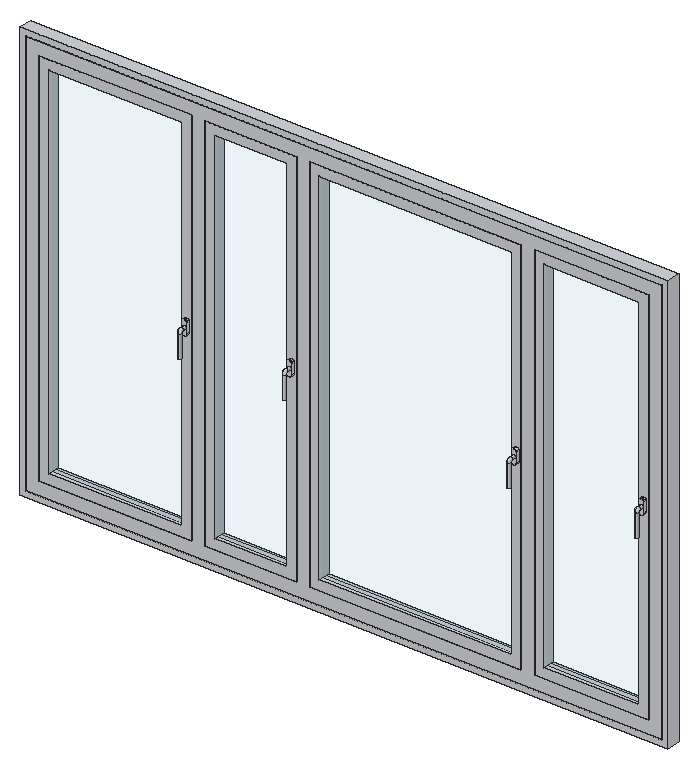
Revit family "AVLN_Окно_4 створки", category Окна, Revit 2021
Family settings
  Основа = Стена
  Номер OmniClass = 23.30.20.00
  Заголовок OmniClass = Windows
  Всегда вертикально = Да
  При загрузке вырезать с полостями = Нет
  Общий = Нет
  Точка принадлежности помещению = Нет
Parameters (values of type "Для копирования!")
  Ширина рамы = 70 mm
  Ширина импоста = 50 mm
  Четверть слева/справа = 50 mm
  Четверть низ = 0 mm  # constant formula
  Четверть верх = 50 mm
  Фрамуга_снизу_высота = 1000 mm
  Низ право центр открывание = АВЛН_Створка открывная : Створка повороно-откидная левая
  Низ право открывание = АВЛН_Створка открывная : Створка повороно-откидная левая
  Низ лево центр открывание = АВЛН_Створка открывная : Створка повороно-откидная левая
  Низ лево открывание = АВЛН_Створка открывная : Створка повороно-откидная левая
  Створка_толщина = 25 mm  # constant formula
  Толщина основы [instance] = 200 mm
  Створка_право центр_ширина = Width - ((Монтажный зазор * 2) + (Ширина рамы * 5) + Створка_слева_ширина + Створка_справа_ширина + Створка_лево центр_ширина)  # 1110 mm
  Створка_справа_ширина = 600 mm
  Створка_слева_ширина = 800 mm
  Створка_профиль = 50 mm
  Створка_лево центр_ширина = 480 mm
  Створка_высота = Height - ((Ширина рамы * 2) + (Монтажный зазор * 2))  # 2000 mm
  Верх право открывание = АВЛН_Створка открывная : Створка повороно-откидная левая
  Верх лево центр открывание = АВЛН_Створка открывная : Створка повороно-откидная левая
  Верх лево открывание = АВЛН_Створка открывная : Створка повороно-откидная левая
  Верх право центр открывание = АВЛН_Створка открывная : Створка повороно-откидная левая
  Rough Width = Width - Монтажный зазор * 2  # 3340 mm
  Rough Height = Height - Монтажный зазор * 2  # 2140 mm
  Подстановочный профиль_Ширина = 20 mm  # constant formula
  Подстановочный профиль_Толщина = 60 mm
  Подоконник_Толщина = 20 mm
  Подоконник_Длина = Width  # 3400 mm
  Подоконник_Глубина = 280 mm
  Подоконник = no
  Глубина вставки = 0 mm
  Отлив_Толщина = 1 mm  # constant formula
  Отлив_Длина = Width - [Четверть слева/справа] * 2  # 3300 mm
  Отлив_Глубина = 280 mm
  Отлив = no
  Откос_Н.Ширина = Width - 2 * [Четверть слева/справа]  # 3300 mm
  Откос_Н.Толщина.8 = 32 mm
  Откос_Н.Толщина.7 = 28 mm
  Откос_Н.Толщина.6 = 24 mm
  Откос_Н.Толщина.5 = 20 mm
  Откос_Н.Толщина.4 = 16 mm
  Откос_Н.Толщина.3 = 12 mm
  Откос_Н.Толщина.2 = 8 mm
  Откос_Н.Толщина.1 = 4 mm
  Откос_Н.Отступ_П = 0 mm  # constant formula
  Откос_Н.Отступ_Л = 0 mm  # constant formula
  Откос_Н.Количество слоев = 0
  Откос_Н.Глубина = 150 mm
  Откос_Н.Высота = Height - Четверть верх - Четверть низ  # 2150 mm
  Откос_В.Толщина.8 = 32 mm
  Откос_В.Толщина.7 = 28 mm
  Откос_В.Толщина.6 = 24 mm
  Откос_В.Толщина.5 = 20 mm
  Откос_В.Толщина.4 = 16 mm
  Откос_В.Толщина.3 = 12 mm
  Откос_В.Толщина.2 = 8 mm
  Откос_В.Толщина.1 = 4 mm
  Откос_В.Отступ_П [instance] = Монтажный зазор + Подоконник_Толщина  # 50 mm
  Откос_В.Отступ_Л [instance] = Монтажный зазор + Подоконник_Толщина  # 50 mm
  Откос_В.Количество слоев = 0
  Откос_В.Глубина [instance] = Толщина основы - Глубина вставки - Ширина рамы  # 130 mm
  Монтажный зазор = 30 mm
  М.Подоконник = none
  М.Отлив = none
  М.Откос_Н.8 = none
  М.Откос_Н.7 = none
  М.Откос_Н.6 = none
  М.Откос_Н.5 = none
  М.Откос_Н.4 = none
  М.Откос_Н.3 = none
  М.Откос_Н.2 = none
  М.Откос_Н.1 = none
  М.Откос_В.8 = none
  М.Откос_В.7 = none
  М.Откос_В.6 = none
  М.Откос_В.5 = none
  М.Откос_В.4 = none
  М.Откос_В.3 = none
  М.Откос_В.2 = none
  М.Откос_В.1 = none
  М.Монтажного зазора = none
  М.Стекла = Стекло
  М.Рамы = none
  М.Подоконный профиль = none
  Type Comments = ""
  Height = 2200 mm
  Высота подоконника по умолчанию = 800 mm
  Замыкание стены = По основе
  Width = 3400 mm
  Аналитическая конструкция = "<Нет>"
  АВЛН_Проем_Ширина [instance] = Width  # 3400 mm
  АВЛН_Проем_Высота [instance] = Height  # 2200 mm
  ADSK_Этаж [instance] = ""
  ADSK_Размер_Ширина = Width  # 3400 mm
  ADSK_Размер_Высота = Height  # 2200 mm
  ADSK_Примечание [instance] = ""
  ADSK_Площадь = Height * Width  # 7.48 m²
  ADSK_Обозначение = ""
  ADSK_Номер секции [instance] = ""
  ADSK_Наименование = ""
  ADSK_Марка = ""
  ADSK_Группирование = ""
  -----------Разрезка----------- = "-----------"  # constant formula
  -----------Профили----------- = "-----------"  # constant formula
  -----------Подоконник----------- = "-----------"  # constant formula
  -----------Отлив----------- = "-----------"  # constant formula
  -----------Откос----------- = "-----------"  # constant formula
  -----------Основные габариты----------- = "-----------"  # constant formula
  -----------Вставка----------- = "-----------"  # constant formula
Reference planes
  plane 1 "По центру (Вперед/Назад)": y = 0
  plane 2 "По центру (Влево/Вправо)": x = 0
  plane 3 "Слева": x = -1700
  plane 4 "Справа": x = 1700
  plane 5 "Подоконник": z = 800
  plane 6 "Заголовок": z = 3000
  plane 7 "Наружный": y = 100
  plane 8 "Внутренние": y = -100
  plane 9 "Окно": y = 100
  plane 10: x = 1670
  plane 11: z = 2970
  plane 12: x = -1670
  plane 13: z = 830
  plane 14: x = 1650
  plane 15: x = -1650
  plane 16: z = 1900
  plane 17: y = 600
  plane 18: y = -400
  plane 19: z = 2950
  plane 20 "Чет. низ": z = 800
  plane 21 "Внутренняя грань": y = 30
  plane 22: y = 80
  plane 23 "Импост низ": z = 1900
  plane 24: z = 900
  plane 25: z = 2900
  plane 26: x = -1600
  plane 27: x = 1600
  plane 28 "5": x = -800
  plane 29 "6": x = -730
  plane 30 "7": x = 930
  plane 31 "8": x = 1000
  plane 32 "9": x = -215
  plane 33 "10": x = 1300
  plane 34 "11": x = -1200
  plane 35 "13": x = -490
  plane 36 "14": x = 375
  plane 37 "15": x = -250
  plane 38 "16": x = -180
  plane 39: z = 1900
Forms (mm)
  Extrusion 1, void
    sketch origin (0, 100, 0) x (1, 0, 0) y (0, 0, 1)
      loop
        line (1650, 2950) -> (-1650, 2950) -> (-1650, 800) -> (1650, 800) -> (1650, 2950)
    from -500 to 20
  Extrusion 2, void
    sketch origin (0, 100, 0) x (1, 0, 0) y (0, 0, 1)
      loop
        line (1700, 3000) -> (-1700, 3000) -> (-1700, 800) -> (1700, 800) -> (1700, 3000)
    from 0 to 500
  Extrusion 3, solid, material <- "М.Монтажного зазора", detail levels medium+fine
    sketch origin (0, 100, 0) x (1, 0, 0) y (0, 0, 1)
      loop
        line (1700, 3000) -> (-1700, 3000) -> (-1700, 800) -> (1700, 800) -> (1700, 3000)
      loop
        line (-1670, 2970) -> (-1670, 830) -> (1670, 830) -> (1670, 2970) -> (-1670, 2970)
    from 0 to 70
  Extrusion 4, solid, material <- "М.Рамы", detail levels medium+fine
    sketch origin (0, 100, 0) x (-1, 0, 0) y (0, 0, 1)
      loop
        line (-1670, 2970) -> (-1670, 830) -> (1670, 830) -> (1670, 2970) -> (-1670, 2970)
      loop
        line (730, 900) -> (730, 2900) -> (250, 2900) -> (250, 900) -> (730, 900)
      loop
        line (-930, 900) -> (180, 900) -> (180, 2900) -> (-930, 2900) -> (-930, 900)
      loop
        line (-1000, 2900) -> (-1600, 2900) -> (-1600, 900) -> (-1000, 900) -> (-1000, 2900)
      loop
        line (800, 2900) -> (800, 900) -> (1600, 900) -> (1600, 2900) -> (800, 2900)
    from -70 to 0
Lines and regions (mm)
  reference lines
    curve 1: line (-765, -100, 3000) -> (-765, -100, 800)
    curve 2: line (965, -100, 3000) -> (965, -100, 800)
    curve 3: line (-215, -100, 3000) -> (-215, -100, 800)
Text (mm)
  text "EXTERIOR" at (-1963.203, 1332.353, 0), in view "Опорный уровень"
  text "INTERIOR" at (-1981.466, -818.386, 0), in view "Опорный уровень"
  text "Наружный" at (0, 923.751, 2943.296), in view "Справа"
  text "Наружный" at (0, 1240.237, 2685.409), in view "Слева"
Dimensions and locks
  equal spacing: plane 3 "Слева", plane 2 "По центру (Влево/Вправо)", plane 4 "Справа"
  "Width": plane 3 "Слева" to plane 4 "Справа"
  "Height": plane 5 "Подоконник" to plane 6 "Заголовок"
  "Высота подоконника по умолчанию": plane 5 "Подоконник" to level
  locked: plane 7 "Наружный" to host wall
  locked: plane 8 "Внутренние" to host wall
  "Глубина вставки": plane 9 "Окно" to plane 7 "Наружный"
  "Монтажный зазор": plane 10 to plane 4 "Справа"
  "Монтажный зазор": plane 3 "Слева" to plane 12
  "Монтажный зазор": plane 11 to plane 6 "Заголовок"
  "Монтажный зазор": plane 5 "Подоконник" to plane 13
  "Четверть слева/справа": plane 14 to plane 4 "Справа"
  "Четверть слева/справа": plane 3 "Слева" to plane 15
  equal spacing: plane 5 "Подоконник", plane 16, plane 6 "Заголовок"
  locked: plane 7 "Наружный" to plane 17 at 500
  locked: plane 18 to plane 8 "Внутренние" at 300
  "Четверть верх": plane 19 to plane 6 "Заголовок"
  "Четверть низ": plane 5 "Подоконник" to plane 20 "Чет. низ"
  "Ширина рамы": plane 9 "Окно" to plane 21 "Внутренняя грань"
  "Толщина основы": host wall to host wall
  locked: plane 22 to plane 21 "Внутренняя грань" at 50
  "Ширина рамы": plane 27 to plane 10
  "Ширина рамы": plane 12 to plane 26
  "Ширина рамы": plane 13 to plane 24
  "Ширина рамы": plane 25 to plane 11
  "Створка_слева_ширина": plane 26 to plane 28 "5"
  "Ширина рамы": plane 28 "5" to plane 29 "6"
  "Ширина рамы": plane 30 "7" to plane 31 "8"
  "Створка_справа_ширина": plane 31 "8" to plane 27
  equal spacing: plane 30 "7", curve 2, plane 31 "8"
  equal spacing: plane 28 "5", curve 1, plane 29 "6"
  equal spacing: plane 31 "8", plane 33 "10", plane 27
  equal spacing: plane 26, plane 34 "11", plane 28 "5"
  equal spacing: plane 37 "15", plane 32 "9", plane 38 "16"
  "Ширина рамы": plane 37 "15" to plane 38 "16"
  equal spacing: plane 29 "6", plane 35 "13", plane 37 "15"
  equal spacing: plane 38 "16", plane 36 "14", plane 30 "7"
  "Створка_лево центр_ширина": plane 29 "6" to plane 37 "15"
  equal spacing: plane 25, plane 39, plane 24
  aligned and locked: Extrusion 1 sketch curve to plane 14
  aligned and locked: Extrusion 1 sketch curve to plane 15
  aligned and locked: Extrusion 1 to plane 17
  aligned and locked: Extrusion 2 sketch curve to plane 6 "Заголовок"
  aligned and locked: Extrusion 2 sketch curve to plane 4 "Справа"
  aligned and locked: plane 5 "Подоконник" to Extrusion 2 sketch curve
  aligned and locked: plane 3 "Слева" to Extrusion 2 sketch curve
  aligned and locked: Extrusion 2 to plane 9 "Окно"
  aligned and locked: Extrusion 2 to plane 18
  aligned and locked: Extrusion 1 sketch curve to plane 19
  aligned and locked: Extrusion 1 sketch curve to plane 20 "Чет. низ"
  aligned and locked: plane 9 "Окно" to nested 1
  aligned and locked: plane 2 "По центру (Влево/Вправо)" to nested 1
  aligned and locked: nested 2 to plane 21 "Внутренняя грань"
  aligned and locked: nested 2 to plane 2 "По центру (Влево/Вправо)"
  aligned and locked: nested 3 to plane 2 "По центру (Влево/Вправо)"
  aligned and locked: plane 8 "Внутренние" to nested 3
  aligned and locked: nested 4 to plane 9 "Окно"
  aligned and locked: Extrusion 3 sketch curve to plane 6 "Заголовок"
  aligned and locked: Extrusion 3 sketch curve to plane 4 "Справа"
  aligned and locked: Extrusion 3 sketch curve to nested 2  (x2)
  aligned and locked: Extrusion 3 sketch curve to plane 11
  aligned and locked: Extrusion 3 sketch curve to plane 12
  aligned and locked: Extrusion 3 sketch curve to plane 13
  aligned and locked: Extrusion 3 sketch curve to plane 10
  aligned and locked: Extrusion 3 to nested 2
  aligned and locked: nested 4 to plane 20 "Чет. низ"
  aligned and locked: nested 4 to plane 2 "По центру (Влево/Вправо)"
  aligned and locked: Extrusion 3 to plane 9 "Окно"
  aligned and locked: Extrusion 4 to plane 21 "Внутренняя грань"
  aligned and locked: Extrusion 4 to plane 9 "Окно"
  aligned and locked: Extrusion 1 to plane 22
  aligned and locked: plane 6 "Заголовок" to curve 1
  aligned and locked: plane 6 "Заголовок" to curve 2
  aligned and locked: plane 5 "Подоконник" to curve 2
  aligned and locked: plane 5 "Подоконник" to curve 1
  aligned and locked: plane 32 "9" to curve 3
  aligned and locked: plane 39 to nested 5
  aligned and locked: plane 34 "11" to nested 5
  aligned and locked: plane 39 to nested 6
  aligned and locked: plane 35 "13" to nested 6
  aligned and locked: plane 39 to nested 7
  aligned and locked: plane 36 "14" to nested 7
  aligned and locked: nested 8 to plane 39
  aligned and locked: plane 33 "10" to nested 8
  aligned and locked: Extrusion 4 sketch curve to plane 10
  aligned and locked: Extrusion 4 sketch curve to plane 13
  aligned and locked: Extrusion 4 sketch curve to plane 12
  aligned and locked: Extrusion 4 sketch curve to plane 11
  aligned and locked: Extrusion 4 sketch curve to plane 24  (x2)
  aligned and locked: plane 24 to Extrusion 4 sketch curve  (x2)
  aligned and locked: plane 25 to Extrusion 4 sketch curve  (x3)
  aligned and locked: Extrusion 4 sketch curve to plane 25
  aligned and locked: Extrusion 4 sketch curve to plane 27
  aligned and locked: plane 31 "8" to Extrusion 4 sketch curve
  aligned and locked: plane 30 "7" to Extrusion 4 sketch curve
  aligned and locked: Extrusion 4 sketch curve to plane 38 "16"
  aligned and locked: Extrusion 4 sketch curve to plane 37 "15"
  aligned and locked: plane 29 "6" to Extrusion 4 sketch curve
  aligned and locked: plane 28 "5" to Extrusion 4 sketch curve
  aligned and locked: Extrusion 4 sketch curve to plane 26
  aligned and locked: plane 2 "По центру (Влево/Вправо)" to nested 9
Automatic sketch dimensions
  curve 3 to plane 6 "Заголовок" = 0 mm
  curve 3 to plane 5 "Подоконник" = 0 mm
Nested families
  nested 1: "Отлив" at (0, 100, 800) x (-1, 0, 0) z (0, 0, 1), Глубина отлива <- "Отлив_Глубина", Длина отлива <- "Отлив_Длина", ТО <- "Отлив_Толщина", Ш_МЗЗ <- "Монтажный зазор", Ш_ПП <- "Подстановочный профиль_Ширина", ADSK_Группирование <- "ADSK_Группирование", ADSK_Номер секции <- "ADSK_Номер секции", ADSK_Этаж <- "ADSK_Этаж", visible <- "Отлив", М <- "М.Отлив", type "Отлив", detail levels fine
    with Ш_ПП 20 mm, Ш_МЗЗ 30 mm, ТО 1 mm, М none, Длина отлива 3300 mm, Глубина отлива 280 mm, ADSK_Этаж "", ADSK_Примечание "", ADSK_Обозначение "", ADSK_Номер секции "", ADSK_Наименование "", ADSK_Марка "", ADSK_Группирование ""
  nested 2: "Подоконник" at (0, 30, 800), Глубина подоконника <- "Подоконник_Глубина", Длина отлива <- "Подоконник_Длина", ТП <- "Подоконник_Толщина", Ш_МЗЗ <- "Монтажный зазор", Ш_ПП <- "Подстановочный профиль_Ширина", ADSK_Группирование <- "ADSK_Группирование", ADSK_Номер секции <- "ADSK_Номер секции", ADSK_Этаж <- "ADSK_Этаж", visible <- "Подоконник", М <- "М.Подоконник", type "Подоконник", detail levels fine
    with Ш_ПП 20 mm, Ш_МЗЗ 30 mm, ТП 20 mm, М none, Длина отлива 3400 mm, Глубина подоконника 280 mm, ADSK_Этаж "", ADSK_Примечание "", ADSK_Обозначение "", ADSK_Номер секции "", ADSK_Наименование "", ADSK_Марка "", ADSK_Группирование ""
  nested 3: "AVLN_Откосы_R19" at (0, -100, 0), Глубина <- "Откос_В.Глубина", Высота от уровня <- "Высота подоконника по умолчанию", ADSK_Группирование <- "Type Comments", ADSK_Этаж <- "ADSK_Этаж", ADSK_Номер секции <- "ADSK_Номер секции", Материал_1 <- "М.Откос_В.1", Материал_2 <- "М.Откос_В.2", Материал_3 <- "М.Откос_В.3", Материал_4 <- "М.Откос_В.4", Материал_5 <- "М.Откос_В.5", Материал_6 <- "М.Откос_В.6", Материал_7 <- "М.Откос_В.7", Материал_8 <- "М.Откос_В.8", Толщина_1 <- "Откос_В.Толщина.1", Толщина_2 <- "Откос_В.Толщина.2", Толщина_3 <- "Откос_В.Толщина.3", Толщина_4 <- "Откос_В.Толщина.4", Толщина_5 <- "Откос_В.Толщина.5", Толщина_6 <- "Откос_В.Толщина.6", Толщина_7 <- "Откос_В.Толщина.7", Толщина_8 <- "Откос_В.Толщина.8", Количество слоев <- "Откос_В.Количество слоев", Отступ_Л <- "Откос_В.Отступ_Л", Отступ_П <- "Откос_В.Отступ_П", Высота <- "Height", Ширина <- "Width", type "AVLN_Откосы_R19"
    with Ширина_8 3176 mm, Ширина_7 3232 mm, Ширина_6 3280 mm, Ширина_5 3320 mm, Ширина_4 3352 mm, Ширина_3 3376 mm, Ширина_2 3392 mm, Ширина 3400 mm, Толщина_8 32 mm, Толщина_7 28 mm, Толщина_6 24 mm, Толщина_5 20 mm, Толщина_4 16 mm, Толщина_3 12 mm, Толщина_2 8 mm, Толщина_1 4 mm, Отступ_П 50 mm, Отступ_Л 50 mm, Материал_8 none, Материал_7 none, Материал_6 none, Материал_5 none, Материал_4 none, Материал_3 none, Материал_2 none, Материал_1 none, Количество слоев 0, Глубина 130 mm, Высота_8 2088 mm, Высота_7 2116 mm, Высота_6 2140 mm, Высота_5 2160 mm, Высота_4 2176 mm, Высота_3 2188 mm, Высота_2 2196 mm, Высота от уровня 800 mm, Высота 2200 mm, Видимость_8 no, Видимость_7 no, Видимость_6 no, Видимость_5 no, Видимость_4 no, Видимость_3 no, Видимость_2 no, Видимость_1 no, ADSK_Этаж "", ADSK_Номер секции "", ADSK_Группирование ""
  nested 4: "AVLN_Откосы_R19" at (0, 100, 0), Ширина <- "Откос_Н.Ширина", Глубина <- "Откос_Н.Глубина", Высота <- "Откос_Н.Высота", Высота от уровня <- "Высота подоконника по умолчанию", ADSK_Группирование <- "Type Comments", ADSK_Этаж <- "ADSK_Этаж", ADSK_Номер секции <- "ADSK_Номер секции", Материал_1 <- "М.Откос_Н.1", Материал_2 <- "М.Откос_Н.2", Материал_3 <- "М.Откос_Н.3", Материал_4 <- "М.Откос_Н.4", Материал_5 <- "М.Откос_Н.5", Материал_6 <- "М.Откос_Н.6", Материал_7 <- "М.Откос_Н.7", Материал_8 <- "М.Откос_Н.8", Толщина_1 <- "Откос_Н.Толщина.1", Толщина_2 <- "Откос_Н.Толщина.2", Толщина_3 <- "Откос_Н.Толщина.3", Толщина_4 <- "Откос_Н.Толщина.4", Толщина_5 <- "Откос_Н.Толщина.5", Толщина_6 <- "Откос_Н.Толщина.6", Толщина_7 <- "Откос_Н.Толщина.7", Толщина_8 <- "Откос_Н.Толщина.8", Количество слоев <- "Откос_Н.Количество слоев", Отступ_Л <- "Откос_Н.Отступ_Л", Отступ_П <- "Откос_Н.Отступ_П", type "AVLN_Откосы_R19"
    with Ширина_8 3076 mm, Ширина_7 3132 mm, Ширина_6 3180 mm, Ширина_5 3220 mm, Ширина_4 3252 mm, Ширина_3 3276 mm, Ширина_2 3292 mm, Ширина 3300 mm, Толщина_8 32 mm, Толщина_7 28 mm, Толщина_6 24 mm, Толщина_5 20 mm, Толщина_4 16 mm, Толщина_3 12 mm, Толщина_2 8 mm, Толщина_1 4 mm, Отступ_П 0 mm, Отступ_Л 0 mm, Материал_8 none, Материал_7 none, Материал_6 none, Материал_5 none, Материал_4 none, Материал_3 none, Материал_2 none, Материал_1 none, Количество слоев 0, Глубина 150 mm, Высота_8 2038 mm, Высота_7 2066 mm, Высота_6 2090 mm, Высота_5 2110 mm, Высота_4 2126 mm, Высота_3 2138 mm, Высота_2 2146 mm, Высота от уровня 800 mm, Высота 2150 mm, Видимость_8 no, Видимость_7 no, Видимость_6 no, Видимость_5 no, Видимость_4 no, Видимость_3 no, Видимость_2 no, Видимость_1 no, ADSK_Этаж "", ADSK_Номер секции "", ADSK_Группирование ""
  nested 5: "АВЛН_Створка открывная" at (-1200, 30, 1900) x (1, 0, 0) z (0, 1, 0), Створка высота <- "Створка_высота", Створка ширина <- "Створка_слева_ширина", Ширина рамы <- "Створка_профиль", type <- "Низ лево открывание", Материал_Стеклопакет <- "М.Стекла", Материал_Рама <- "М.Рамы", type "Створка повороно-откидная левая", detail levels medium+fine
    with Ширина рамы 50 mm, Створка ширина 800 mm, Створка высота 2000 mm, Материал_Стеклопакет Стекло, Материал_Ручки ПВХ белый, Материал_Рама none, Width 800 mm, Height 2000 mm
  nested 6: "АВЛН_Створка открывная" at (-490, 30, 1900) x (1, 0, 0) z (0, 1, 0), Створка высота <- "Створка_высота", Створка ширина <- "Створка_лево центр_ширина", Ширина рамы <- "Створка_профиль", type <- "Низ лево центр открывание", Материал_Стеклопакет <- "М.Стекла", Материал_Рама <- "М.Рамы", type "Створка повороно-откидная левая", detail levels medium+fine
    with Ширина рамы 50 mm, Створка ширина 480 mm, Створка высота 2000 mm, Материал_Стеклопакет Стекло, Материал_Ручки ПВХ белый, Материал_Рама none, Width 800 mm, Height 2000 mm
  nested 7: "АВЛН_Створка открывная" at (375, 30, 1900) x (1, 0, 0) z (0, 1, 0), Створка высота <- "Створка_высота", Створка ширина <- "Створка_право центр_ширина", Ширина рамы <- "Створка_профиль", type <- "Низ право центр открывание", Материал_Стеклопакет <- "М.Стекла", Материал_Рама <- "М.Рамы", type "Створка повороно-откидная левая", detail levels medium+fine
    with Ширина рамы 50 mm, Створка ширина 1110 mm, Створка высота 2000 mm, Материал_Стеклопакет Стекло, Материал_Ручки ПВХ белый, Материал_Рама none, Width 800 mm, Height 2000 mm
  nested 8: "АВЛН_Створка открывная" at (1300, 30, 1900) x (1, 0, 0) z (0, 1, 0), type <- "Низ право открывание", Створка высота <- "Створка_высота", Створка ширина <- "Створка_справа_ширина", Ширина рамы <- "Створка_профиль", Материал_Стеклопакет <- "М.Стекла", Материал_Рама <- "М.Рамы", type "Створка повороно-откидная левая", detail levels medium+fine
    with Ширина рамы 50 mm, Створка ширина 600 mm, Створка высота 2000 mm, Материал_Стеклопакет Стекло, Материал_Ручки ПВХ белый, Материал_Рама none, Width 800 mm, Height 2000 mm
  nested 9: "AVLN_Обозначение проема" at (0, 100, 1925) x (0, 0, -1) z (0, -1, 0), ADSK_Размер_Высота <- "АВЛН_Проем_Ширина", ADSK_Размер_Ширина <- "АВЛН_Проем_Высота", type "AVLN_Обозначение проема", detail levels coarse
    with ADSK_Размер_Ширина 2200 mm, ADSK_Размер_Высота 3400 mm
Definition of nested family "Отлив"
  Parameters (values of type "Отлив")
    Ш_ПП [instance] = 50 mm
    Ш_МЗЗ [instance] = 35 mm
    ТО [instance] = 1 mm
    Default Elevation = 1219.2 mm
    М [instance] = none
    Длина отлива [instance] = 1560 mm
    Глубина отлива [instance] = 280 mm
    ADSK_Этаж [instance] = ""
    ADSK_Примечание [instance] = ""
    ADSK_Обозначение [instance] = ""
    ADSK_Номер секции [instance] = ""
    ADSK_Наименование [instance] = ""
    ADSK_Марка [instance] = ""
    ADSK_Группирование [instance] = ""
  Reference planes
    plane 1 "По центру (Вперед/Назад)": y = 0
    plane 2: z = 0
    plane 3 "По центру (Влево/Вправо)": x = 0
    plane 4: y = -280
    plane 5: x = -780
    plane 6: x = 780
    plane 7: z = 35
    plane 8: z = 85
    plane 9: y = -1
    plane 10: y = -300
    plane 11: y = -301
    plane 12: z = -35
    plane 13: z = 34
  Forms (mm)
    Extrusion 1, solid, material <- "М"
      sketch origin (0, 0, 0) x (0, 1, 0) y (0, 0, 1)
        loop
          line (0, 85) -> (-1, 85) -> (-1, 34.893) -> (-301, 0.893) -> (-301, -35) -> (-300, -35) -> (-300, 0) -> (0, 34) -> (0, 85)
      from -780 to 780
  Dimensions and locks
    equal spacing: plane 5, plane 3 "По центру (Влево/Вправо)", plane 6
    "Длина отлива": plane 5 to plane 6
    "Глубина отлива": plane 4 to plane 1 "По центру (Вперед/Назад)"
    "Ш_МЗЗ": plane 7 to level
    "Ш_ПП": plane 8 to plane 7
    "ТО": plane 1 "По центру (Вперед/Назад)" to plane 9
    "ТО": plane 10 to plane 11
    locked: level to plane 12 at 35
    "ТО": plane 7 to plane 13
    "ТО": Extrusion 1 sketch curve to Extrusion 1 sketch curve
    locked: plane 4 to plane 10 at 20
    aligned and locked: level to plane 2
    aligned and locked: plane 8 to Extrusion 1 sketch curve
    aligned and locked: plane 9 to Extrusion 1 sketch curve
    aligned and locked: plane 11 to Extrusion 1 sketch curve
    aligned and locked: plane 12 to Extrusion 1 sketch curve
    aligned and locked: plane 1 "По центру (Вперед/Назад)" to Extrusion 1 sketch curve  (x2)
    aligned and locked: plane 13 to Extrusion 1 sketch curve
    aligned and locked: level to Extrusion 1 sketch curve
    aligned and locked: plane 10 to Extrusion 1 sketch curve
    aligned and locked: plane 6 to Extrusion 1
    aligned and locked: Extrusion 1 to plane 5
Definition of nested family "Подоконник"
  Parameters (values of type "Подоконник")
    Ш_ПП [instance] = 50 mm
    Ш_МЗЗ [instance] = 35 mm
    ТП [instance] = 20 mm
    Default Elevation = 1219.2 mm
    М [instance] = none
    Длина отлива [instance] = 1560 mm
    Глубина подоконника [instance] = 280 mm
    ADSK_Этаж [instance] = ""
    ADSK_Примечание [instance] = ""
    ADSK_Обозначение [instance] = ""
    ADSK_Номер секции [instance] = ""
    ADSK_Наименование [instance] = ""
    ADSK_Марка [instance] = ""
    ADSK_Группирование [instance] = ""
  Reference planes
    plane 1 "По центру (Вперед/Назад)": y = 0
    plane 2: z = 0
    plane 3 "По центру (Влево/Вправо)": x = 0
    plane 4: y = -280
    plane 5: x = -780
    plane 6: x = 780
    plane 7: z = 35
    plane 8: z = 85
    plane 9: y = -20
    plane 10: y = -290
    plane 11: y = -310
    plane 12: z = -35
    plane 13: z = 15
    plane 14: z = 65
  Forms (mm)
    Extrusion 1, solid, material <- "М"
      sketch origin (0, 0, 0) x (0, 1, 0) y (0, 0, 1)
        loop
          line (0, 85) -> (-310, 85) -> (-310, 0) -> (-290, 0) -> (-290, 65) -> (0, 65) -> (0, 85)
      from -780 to 780
  Dimensions and locks
    equal spacing: plane 5, plane 3 "По центру (Влево/Вправо)", plane 6
    "Длина отлива": plane 5 to plane 6
    "Глубина подоконника": plane 4 to plane 1 "По центру (Вперед/Назад)"
    "Ш_МЗЗ": plane 7 to level
    "Ш_ПП": plane 8 to plane 7
    "ТП": plane 1 "По центру (Вперед/Назад)" to plane 9
    "ТП": plane 10 to plane 11
    locked: level to plane 12 at 35
    "ТП": plane 7 to plane 13
    locked: plane 4 to plane 10 at 10
    "ТП": plane 8 to plane 14
    aligned and locked: level to plane 2
    aligned and locked: plane 8 to Extrusion 1 sketch curve
    aligned and locked: plane 1 "По центру (Вперед/Назад)" to Extrusion 1 sketch curve
    aligned and locked: plane 10 to Extrusion 1 sketch curve
    aligned and locked: plane 11 to Extrusion 1 sketch curve
    aligned and locked: level to Extrusion 1 sketch curve
    aligned and locked: plane 14 to Extrusion 1 sketch curve
    aligned and locked: Extrusion 1 to plane 5
    aligned and locked: plane 6 to Extrusion 1
Definition of nested family "АВЛН_Створка открывная"
  Parameters (values of type "Створка повороно-откидная правая")
    Ширина рамы [instance] = 50 mm
    Width = 600 mm
    Створка ширина [instance] = 800 mm
    Створка высота [instance] = 700 mm
    Материал_Стеклопакет [instance] = none
    Поворотная Правая = yes
    Поворотная Левая = no
    Default Elevation = 1219.2 mm
    Открываная = yes
    Откидная = yes
    Материал_Ручки [instance] = none
    Материал_Рама [instance] = none
    Левая = yes
    Глухое = no
    Height = 1150 mm
    Analytic Construction = "<Нет>"
  Types (6, lengths in mm): name | Поворотная Правая | Поворотная Левая | Открываная | Откидная | Глухое
    Створка повороно-откидная правая | yes | no | yes | yes | no
    Створка повороно-откидная левая | no | yes | yes | yes | no
    Створка глухая | no | no | no | no | yes
    Створка откидная | no | no | yes | yes | no
    Створка поворотная правая | yes | no | yes | no | no
    Створка поворотная левая | no | yes | yes | no | no
  Reference planes
    plane 1 "По центру (Вперед/Назад)": y = 0
    plane 2 "Внутрення грань": z = 0
    plane 3 "По центру (Влево/Вправо)": x = 0
    plane 4: y = 350
    plane 5: x = 400
    plane 6: y = -350
    plane 7: x = -400
    plane 8 "Наружняя грань": z = 60.433
    plane 9 "По центру Л/Р": z = 30.216
  Forms (mm)
    Extrusion 1, solid
      sketch origin (0, 0, 0) x (1, 0, 0) y (0, 1, 0)
        loop
          line (-1219.2, 1219.2) -> (-1219.2, -1219.2) -> (1219.2, -1219.2) -> (1219.2, 1219.2) -> (-1219.2, 1219.2)
      from 0 to -304.8
    Sweep 2, solid, material <- "Материал_Рама", visible <- "Открываная"
      path origin (0, 0, 0) x (1, 0, 0) y (0, 1, 0)
        loop
          line (400, 350) -> (-400, 350) -> (-400, -350) -> (400, -350) -> (400, 350)
      profile origin (0, 350, 0) x (0, -1, 0) y (0, 0, 1)
        loop
          line (0, 0) -> (50, 0) -> (50, 60.433) -> (0, 60.433) -> (0, 0)
    Extrusion 3, solid, material <- "Материал_Стеклопакет", visible <- "Открываная"
      sketch origin (0, 0, 0) x (1, 0, 0) y (0, 1, 0)
        loop
          line (-350, 300) -> (-350, -300) -> (350, -300) -> (350, 300) -> (-350, 300)
      from 17.481 to 42.952
    Extrusion 4, solid, material <- "Материал_Стеклопакет", visible <- "Глухое"
      sketch origin (0, 0, 0) x (1, 0, 0) y (0, 1, 0)
        loop
          line (-400, 350) -> (-400, -350) -> (400, -350) -> (400, 350) -> (-400, 350)
      from 17.481 to 42.952
  Lines and regions (mm)
    model lines, visible <- "Глухое", detail levels medium+fine
      curve 1: line (0, 50, 60.433) -> (0, -50, 60.433)
      curve 2: line (50, 0, 60.433) -> (-50, 0, 60.433)
      curve 17: line (0, 50, 0) -> (0, -50, 0)
      curve 18: line (50, 0, 0) -> (-50, 0, 0)
    model lines, visible <- "Глухое", not visible, detail levels medium+fine
      curve 3: line (60, 38.001, 60.433) -> (60, -61.999, 60.433)
      curve 4: line (110, -11.999, 60.433) -> (10, -11.999, 60.433)
    model lines, visible <- "Поворотная Правая", detail levels medium+fine
      curve 5: line (400, 350, 0) -> (-400, 0, 0)
      curve 6: line (400, -350, 0) -> (-400, 0, 0)
      curve 13: line (400, 350, 60.433) -> (-400, 0, 60.433)
      curve 14: line (400, -350, 60.433) -> (-400, 0, 60.433)
    model lines, visible <- "Откидная", detail levels medium+fine
      curve 7: line (-400, -350, 0) -> (0, 350, 0)
      curve 8: line (0, 350, 0) -> (400, -350, 0)
      curve 15: line (-400, -350, 60.433) -> (0, 350, 60.433)
      curve 16: line (0, 350, 60.433) -> (400, -350, 60.433)
    model lines, visible <- "Поворотная Левая", detail levels medium+fine
      curve 9: line (-400, 350, 0) -> (400, 0, 0)
      curve 10: line (-400, -350, 0) -> (400, 0, 0)
      curve 11: line (-400, 350, 60.433) -> (400, 0, 60.433)
      curve 12: line (-400, -350, 60.433) -> (400, 0, 60.433)
  Dimensions and locks
    "Створка высота": plane 4 to plane 6
    "Створка ширина": plane 7 to plane 5
    equal spacing: plane 7, plane 3 "По центру (Влево/Вправо)", plane 5
    equal spacing: plane 6, plane 1 "По центру (Вперед/Назад)", plane 4
    plane 2 "Внутрення грань" to plane 8 "Наружняя грань" = 60.433 mm
    level to Extrusion 4 = 42.952 mm
    plane 8 "Наружняя грань" to level = 60.433 mm
    equal spacing: Extrusion 3, plane 9 "По центру Л/Р", Extrusion 3
    equal spacing: plane 8 "Наружняя грань", plane 9 "По центру Л/Р", level
    Extrusion 3 to Extrusion 3 = 25.471 mm
    "Ширина рамы": profile plane to Sweep 2 sketch curve
    equal spacing: Extrusion 4, plane 9 "По центру Л/Р", Extrusion 4, locked at 12.735 each
    locked: Extrusion 4 to Extrusion 4 at 25.471
    equal spacing: Sweep 2, nested 1, Sweep 2
    equal spacing: Sweep 2, nested 2, Sweep 2
    aligned and locked: plane 2 "Внутрення грань" to Extrusion 1
    aligned and locked: level to Extrusion 1
    aligned and locked: plane 4 to Sweep 2 sketch curve
    aligned and locked: plane 5 to Sweep 2 sketch curve
    aligned and locked: plane 6 to Sweep 2 sketch curve
    aligned and locked: Sweep 2 sketch curve to plane 7
    aligned and locked: Extrusion 3 sketch curve to Sweep 2  (x4)
    aligned and locked: Extrusion 4 sketch curve to Sweep 2  (x3)
    aligned and locked: Extrusion 4 sketch curve to plane 5
    aligned and locked: Sweep 2 sketch curve to plane 8 "Наружняя грань"
    aligned and locked: plane 6 to Extrusion 4
    aligned and locked: plane 4 to Extrusion 4
    aligned and locked: curve 2 to plane 1 "По центру (Вперед/Назад)"
    aligned and locked: curve 1 to plane 3 "По центру (Влево/Вправо)"
    aligned and locked: curve 18 to plane 1 "По центру (Вперед/Назад)"
    aligned and locked: curve 17 to plane 3 "По центру (Влево/Вправо)"
    aligned and locked: nested 2 to plane 1 "По центру (Вперед/Назад)"
    aligned and locked: nested 1 to plane 1 "По центру (Вперед/Назад)"
  Automatic sketch dimensions
    Extrusion 1 sketch curve to Extrusion 1 sketch curve = 2438.4 mm  (x2)
    plane 1 "По центру (Вперед/Назад)" to curve 5 = 0 mm
    curve 5 to plane 7 = 0 mm
    curve 9 to plane 4 = 0 mm
    curve 9 to plane 7 = 0 mm
    plane 6 to curve 7 = 0 mm
    curve 7 to plane 7 = 0 mm
    curve 7 to plane 3 "По центру (Влево/Вправо)" = 0 mm
    curve 6 to plane 5 = 0 mm
    plane 1 "По центру (Вперед/Назад)" to curve 9 = 0 mm
    curve 9 to plane 5 = 0 mm
    curve 5 to plane 4 = 0 mm
    curve 5 to plane 5 = 0 mm
    plane 6 to curve 8 = 0 mm
    curve 8 to plane 4 = 0 mm
    curve 11 to plane 4 = 0 mm
    curve 11 to plane 7 = 0 mm
    plane 6 to curve 15 = 0 mm
    curve 15 to plane 7 = 0 mm
    plane 1 "По центру (Вперед/Назад)" to curve 14 = 0 mm
    curve 14 to plane 7 = 0 mm
    curve 15 to plane 3 "По центру (Влево/Вправо)" = 0 mm
    plane 1 "По центру (Вперед/Назад)" to curve 11 = 0 mm
    curve 11 to plane 5 = 0 mm
    curve 14 to plane 5 = 0 mm
    curve 13 to plane 4 = 0 mm
    curve 13 to plane 5 = 0 mm
    plane 6 to curve 14 = 0 mm
    curve 15 to plane 4 = 0 mm
    plane 1 "По центру (Вперед/Назад)" to curve 2 = 0 mm
    curve 1 to plane 3 "По центру (Влево/Вправо)" = 0 mm
    curve 2 to plane 3 "По центру (Влево/Вправо)" = 50 mm
    plane 3 "По центру (Влево/Вправо)" to curve 2 = 50 mm
    plane 1 "По центру (Вперед/Назад)" to curve 1 = 50 mm
    curve 1 to plane 1 "По центру (Вперед/Назад)" = 50 mm
    curve 18 to curve 17 = 50 mm
    curve 17 to curve 18 = 50 mm
    plane 1 "По центру (Вперед/Назад)" to curve 17 = 50 mm
    curve 17 to plane 1 "По центру (Вперед/Назад)" = 50 mm
    Sweep 2 sketch curve to level = 0 mm
    Sweep 2 sketch curve to profile plane = 0 mm
  Nested families
    nested 1: "АВЛН_Ручка" at (375, 1040, 0) x (1, 0, 0) z (0, -1, 0), visible <- "Поворотная Левая", Материал дверной ручки <- "Материал_Рама", type "АВЛН_Ручка", detail levels fine
      with Материал дверной ручки none, Высота расположения дверной ручки 1040 mm
    nested 2: "АВЛН_Ручка" at (-375, 1040, 0) x (1, 0, 0) z (0, -1, 0), visible <- "Поворотная Правая", Материал дверной ручки <- "Материал_Рама", type "АВЛН_Ручка", detail levels fine
      with Материал дверной ручки none, Высота расположения дверной ручки 1040 mm
  Definition of nested family "АВЛН_Ручка"
    Parameters (values of type "АВЛН_Ручка")
      Default Elevation = 1219.2 mm
      Материал дверной ручки [instance] = none
      Высота расположения дверной ручки [instance] = 1040 mm
      Analytic Construction = "<Нет>"
      b = 25 mm
      a = 75 mm
    Reference planes
      plane 1 "По центру (Вперед/Назад)": y = 0
      plane 2: z = 0
      plane 3 "По центру (Влево/Вправо)": x = 0
      plane 4: z = 1040
      plane 5: x = 12.5
      plane 6: x = -12.5
      plane 7: z = 1002.5
      plane 8: z = 1077.5
      plane 9: y = -15
    Forms (mm)
      Extrusion 1, solid, material <- "Материал дверной ручки"
        sketch origin (0, 0, 2080) x (-1, 0, 0) y (0, 0, -1)
          loop
            arc (-2.5, 1077.5) -> (-9.571, 1074.571) -> (-12.5, 1067.5) r 10
            line (-12.5, 1067.5) -> (-12.5, 1012.5)
            arc (-12.5, 1012.5) -> (-9.571, 1005.429) -> (-2.5, 1002.5) r 10
            line (-2.5, 1002.5) -> (2.5, 1002.5)
            arc (2.5, 1002.5) -> (9.571, 1005.429) -> (12.5, 1012.5) r 10
            line (12.5, 1012.5) -> (12.5, 1067.5)
            arc (12.5, 1067.5) -> (9.571, 1074.571) -> (2.5, 1077.5) r 10
            line (2.5, 1077.5) -> (-2.5, 1077.5)
        from 0 to 15
      Sweep 2, solid, material <- "Материал дверной ручки"
        path origin (-1040, 0, 1040) x (0, 0, -1) y (0, 1, 0)
          loop
            line (0, -15) -> (0, -38.261)
            arc (0, -38.261) -> (-2.929, -45.332) -> (-10, -48.261) r 10
            line (-10, -48.261) -> (-130, -48.261)
        profile origin (-1040, -26.63, 1040) x (0, 0, -1) y (1, 0, 0)
          loop
            circle (0, 1040) r 8
    Dimensions and locks
      "Высота расположения дверной ручки": plane 4 to level
      "a": plane 7 to plane 8
      "b": plane 6 to plane 5
      plane 6 to plane 5 = 25 mm
      locked: plane 1 "По центру (Вперед/Назад)" to plane 9 at 15
      plane 7 to plane 8 = 75 mm
      aligned and locked: level to plane 2
      aligned and locked: Extrusion 1 sketch curve to plane 7
      aligned and locked: plane 5 to Extrusion 1 sketch curve
      aligned and locked: plane 8 to Extrusion 1 sketch curve
      aligned and locked: Extrusion 1 sketch curve to plane 6
      aligned and locked: Extrusion 1 to plane 1 "По центру (Вперед/Назад)"
    Automatic sketch dimensions
      Sweep 2 sketch curve to plane 9 = 0 mm
      plane 4 to Sweep 2 sketch curve = 10 mm
      plane 9 to Sweep 2 sketch curve = 23.261 mm
      Sweep 2 sketch curve to Sweep 2 sketch curve = 120 mm
      Sweep 2 sketch curve to profile plane = 0 mm
      profile plane to Sweep 2 sketch curve = 1040 mm
      Sweep 2 sketch curve to plane 4 = 0 mm
      plane 3 "По центру (Влево/Вправо)" to Extrusion 1 sketch curve = 2.5 mm  (x2)
      Extrusion 1 sketch curve to plane 3 "По центру (Влево/Вправо)" = 2.5 mm  (x2)
      radius of Sweep 2 sketch curve = 8 mm
Definition of nested family "AVLN_Откосы_R19"
  Parameters (values of type "AVLN_Откосы_R19")
    Ширина_8 [instance] = Ширина_7 - Толщина_7 * 2  # 776 mm
    Ширина_7 [instance] = Ширина_6 - Толщина_6 * 2  # 832 mm
    Ширина_6 [instance] = Ширина_5 - Толщина_5 * 2  # 880 mm
    Ширина_5 [instance] = Ширина_4 - Толщина_4 * 2  # 920 mm
    Ширина_4 [instance] = Ширина_3 - Толщина_3 * 2  # 952 mm
    Ширина_3 [instance] = Ширина_2 - Толщина_2 * 2  # 976 mm
    Ширина_2 [instance] = Ширина - Толщина_1 * 2  # 992 mm
    Ширина [instance] = 1000 mm
    Толщина_8 [instance] = 32 mm
    Толщина_7 [instance] = 28 mm
    Толщина_6 [instance] = 24 mm
    Толщина_5 [instance] = 20 mm
    Толщина_4 [instance] = 16 mm
    Толщина_3 [instance] = 12 mm
    Толщина_2 [instance] = 8 mm
    Толщина_1 [instance] = 4 mm
    Отступ_П [instance] = 0 mm
    Отступ_Л [instance] = 0 mm
    Default Elevation = 1219.2 mm
    Материал_8 [instance] = none
    Материал_7 [instance] = none
    Материал_6 [instance] = none
    Материал_5 [instance] = none
    Материал_4 [instance] = none
    Материал_3 [instance] = none
    Материал_2 [instance] = none
    Материал_1 [instance] = none
    Type Comments = ""
    Количество слоев [instance] = 8
    Глубина [instance] = 200 mm
    Высота_8 [instance] = Высота_7 - Толщина_7  # 1388 mm
    Высота_7 [instance] = Высота_6 - Толщина_6  # 1416 mm
    Высота_6 [instance] = Высота_5 - Толщина_5  # 1440 mm
    Высота_5 [instance] = Высота_4 - Толщина_4  # 1460 mm
    Высота_4 [instance] = Высота_3 - Толщина_3  # 1476 mm
    Высота_3 [instance] = Высота_2 - Толщина_2  # 1488 mm
    Высота_2 [instance] = Высота - Толщина_1  # 1496 mm
    Высота от уровня [instance] = 377.189 mm
    Высота [instance] = 1500 mm
    Видимость_8 [instance] = Количество слоев > 7  # yes
    Видимость_7 [instance] = Количество слоев > 6  # yes
    Видимость_6 [instance] = Количество слоев > 5  # yes
    Видимость_5 [instance] = Количество слоев > 4  # yes
    Видимость_4 [instance] = Количество слоев > 3  # yes
    Видимость_3 [instance] = Количество слоев > 2  # yes
    Видимость_2 [instance] = Количество слоев > 1  # yes
    Видимость_1 [instance] = Количество слоев > 0  # yes
    ADSK_Этаж [instance] = ""
    ADSK_Номер секции [instance] = ""
    ADSK_Группирование [instance] = ""
  Reference planes
    plane 1 "По центру (Вперед/Назад)": y = 0
    plane 2: z = 0
    plane 3 "По центру (Влево/Вправо)": x = 0
    plane 4: y = 200
    plane 5: z = 377.189
  Dimensions and locks
    "Глубина": plane 4 to plane 1 "По центру (Вперед/Назад)"
    "Высота от уровня": plane 5 to level
    aligned and locked: level to plane 2
    aligned and locked: plane 3 "По центру (Влево/Вправо)" to nested 1
    aligned and locked: nested 1 to plane 1 "По центру (Вперед/Назад)"
    aligned and locked: plane 3 "По центру (Влево/Вправо)" to nested 2
    aligned and locked: nested 2 to plane 1 "По центру (Вперед/Назад)"
    aligned and locked: plane 3 "По центру (Влево/Вправо)" to nested 3
    aligned and locked: nested 3 to plane 1 "По центру (Вперед/Назад)"
    aligned and locked: plane 3 "По центру (Влево/Вправо)" to nested 4
    aligned and locked: nested 4 to plane 1 "По центру (Вперед/Назад)"
    aligned and locked: plane 3 "По центру (Влево/Вправо)" to nested 5
    aligned and locked: nested 5 to plane 1 "По центру (Вперед/Назад)"
    aligned and locked: plane 3 "По центру (Влево/Вправо)" to nested 6
    aligned and locked: nested 6 to plane 1 "По центру (Вперед/Назад)"
    aligned and locked: plane 3 "По центру (Влево/Вправо)" to nested 7
    aligned and locked: nested 7 to plane 1 "По центру (Вперед/Назад)"
    aligned and locked: plane 3 "По центру (Влево/Вправо)" to nested 8
    aligned and locked: nested 8 to plane 1 "По центру (Вперед/Назад)"
  Nested families
    nested 1: "Откос_R1" at (0, 100, 377.189), ADSK_Размер_Глубина <- "Глубина", built-in parameter 1001364 <- "Высота от уровня", ADSK_Группирование <- "ADSK_Группирование", ADSK_Номер секции <- "ADSK_Номер секции", ADSK_Этаж <- "ADSK_Этаж", visible <- "Видимость_1", Видимость <- "Видимость_1", Материал <- "Материал_1", ADSK_Размер_Высота <- "Высота", ADSK_Размер_Толщина <- "Толщина_1", ADSK_Размер_Ширина <- "Ширина", Отступ_Л <- "Отступ_Л", Отступ_П <- "Отступ_П", type "Откос_R19 2"
      with Площадь 0.80 m², Отступ_П 0 mm, Отступ_Л 0 mm, Материал none, Видимость yes, ADSK_Этаж "", ADSK_Размер_Ширина 1000 mm, ADSK_Размер_Толщина 4 mm, ADSK_Размер_Глубина 200 mm, ADSK_Размер_Высота 1500 mm, ADSK_Номер секции "", ADSK_Группирование ""
    nested 2: "Откос_R1" at (0, 100, 377.189), ADSK_Размер_Глубина <- "Глубина", built-in parameter 1001364 <- "Высота от уровня", ADSK_Группирование <- "ADSK_Группирование", ADSK_Номер секции <- "ADSK_Номер секции", ADSK_Этаж <- "ADSK_Этаж", visible <- "Видимость_2", Видимость <- "Видимость_2", Материал <- "Материал_2", ADSK_Размер_Высота <- "Высота_2", ADSK_Размер_Толщина <- "Толщина_2", ADSK_Размер_Ширина <- "Ширина_2", Отступ_Л <- "Отступ_Л", Отступ_П <- "Отступ_П", type "Откос_R19 2"
      with Площадь 0.7968 m², Отступ_П 0 mm, Отступ_Л 0 mm, Материал none, Видимость yes, ADSK_Этаж "", ADSK_Размер_Ширина 992 mm, ADSK_Размер_Толщина 8 mm, ADSK_Размер_Глубина 200 mm, ADSK_Размер_Высота 1496 mm, ADSK_Номер секции "", ADSK_Группирование ""
    nested 3: "Откос_R1" at (0, 100, 377.189), ADSK_Размер_Глубина <- "Глубина", built-in parameter 1001364 <- "Высота от уровня", ADSK_Группирование <- "ADSK_Группирование", ADSK_Номер секции <- "ADSK_Номер секции", ADSK_Этаж <- "ADSK_Этаж", visible <- "Видимость_3", Видимость <- "Видимость_3", Материал <- "Материал_3", ADSK_Размер_Высота <- "Высота_3", ADSK_Размер_Толщина <- "Толщина_3", ADSK_Размер_Ширина <- "Ширина_3", Отступ_Л <- "Отступ_Л", Отступ_П <- "Отступ_П", type "Откос_R19 2"
      with Площадь 0.7904 m², Отступ_П 0 mm, Отступ_Л 0 mm, Материал none, Видимость yes, ADSK_Этаж "", ADSK_Размер_Ширина 976 mm, ADSK_Размер_Толщина 12 mm, ADSK_Размер_Глубина 200 mm, ADSK_Размер_Высота 1488 mm, ADSK_Номер секции "", ADSK_Группирование ""
    nested 4: "Откос_R1" at (0, 100, 377.189), ADSK_Размер_Глубина <- "Глубина", built-in parameter 1001364 <- "Высота от уровня", ADSK_Группирование <- "ADSK_Группирование", ADSK_Номер секции <- "ADSK_Номер секции", ADSK_Этаж <- "ADSK_Этаж", visible <- "Видимость_4", Видимость <- "Видимость_4", Материал <- "Материал_4", ADSK_Размер_Высота <- "Высота_4", ADSK_Размер_Толщина <- "Толщина_4", ADSK_Размер_Ширина <- "Ширина_4", Отступ_Л <- "Отступ_Л", Отступ_П <- "Отступ_П", type "Откос_R19 2"
      with Площадь 0.7808 m², Отступ_П 0 mm, Отступ_Л 0 mm, Материал none, Видимость yes, ADSK_Этаж "", ADSK_Размер_Ширина 952 mm, ADSK_Размер_Толщина 16 mm, ADSK_Размер_Глубина 200 mm, ADSK_Размер_Высота 1476 mm, ADSK_Номер секции "", ADSK_Группирование ""
    nested 5: "Откос_R1" at (0, 100, 377.189), ADSK_Размер_Глубина <- "Глубина", built-in parameter 1001364 <- "Высота от уровня", ADSK_Группирование <- "ADSK_Группирование", ADSK_Номер секции <- "ADSK_Номер секции", ADSK_Этаж <- "ADSK_Этаж", visible <- "Видимость_5", Видимость <- "Видимость_5", Материал <- "Материал_5", ADSK_Размер_Высота <- "Высота_5", ADSK_Размер_Толщина <- "Толщина_5", ADSK_Размер_Ширина <- "Ширина_5", Отступ_Л <- "Отступ_Л", Отступ_П <- "Отступ_П", type "Откос_R19 2"
      with Площадь 0.768 m², Отступ_П 0 mm, Отступ_Л 0 mm, Материал none, Видимость yes, ADSK_Этаж "", ADSK_Размер_Ширина 920 mm, ADSK_Размер_Толщина 20 mm, ADSK_Размер_Глубина 200 mm, ADSK_Размер_Высота 1460 mm, ADSK_Номер секции "", ADSK_Группирование ""
    nested 6: "Откос_R1" at (0, 100, 377.189), ADSK_Размер_Глубина <- "Глубина", built-in parameter 1001364 <- "Высота от уровня", ADSK_Группирование <- "ADSK_Группирование", ADSK_Номер секции <- "ADSK_Номер секции", ADSK_Этаж <- "ADSK_Этаж", visible <- "Видимость_6", Видимость <- "Видимость_6", Материал <- "Материал_6", ADSK_Размер_Высота <- "Высота_6", ADSK_Размер_Толщина <- "Толщина_6", ADSK_Размер_Ширина <- "Ширина_6", Отступ_Л <- "Отступ_Л", Отступ_П <- "Отступ_П", type "Откос_R19 2"
      with Площадь 0.752 m², Отступ_П 0 mm, Отступ_Л 0 mm, Материал none, Видимость yes, ADSK_Этаж "", ADSK_Размер_Ширина 880 mm, ADSK_Размер_Толщина 24 mm, ADSK_Размер_Глубина 200 mm, ADSK_Размер_Высота 1440 mm, ADSK_Номер секции "", ADSK_Группирование ""
    nested 7: "Откос_R1" at (0, 100, 377.189), ADSK_Размер_Глубина <- "Глубина", built-in parameter 1001364 <- "Высота от уровня", ADSK_Группирование <- "ADSK_Группирование", ADSK_Номер секции <- "ADSK_Номер секции", ADSK_Этаж <- "ADSK_Этаж", visible <- "Видимость_7", Видимость <- "Видимость_7", Материал <- "Материал_7", ADSK_Размер_Высота <- "Высота_7", ADSK_Размер_Толщина <- "Толщина_7", ADSK_Размер_Ширина <- "Ширина_7", Отступ_Л <- "Отступ_Л", Отступ_П <- "Отступ_П", type "Откос_R19 2"
      with Площадь 0.7328 m², Отступ_П 0 mm, Отступ_Л 0 mm, Материал none, Видимость yes, ADSK_Этаж "", ADSK_Размер_Ширина 832 mm, ADSK_Размер_Толщина 28 mm, ADSK_Размер_Глубина 200 mm, ADSK_Размер_Высота 1416 mm, ADSK_Номер секции "", ADSK_Группирование ""
    nested 8: "Откос_R1" at (0, 100, 377.189), ADSK_Размер_Глубина <- "Глубина", built-in parameter 1001364 <- "Высота от уровня", ADSK_Группирование <- "ADSK_Группирование", ADSK_Номер секции <- "ADSK_Номер секции", ADSK_Этаж <- "ADSK_Этаж", visible <- "Видимость_8", Видимость <- "Видимость_8", Материал <- "Материал_8", ADSK_Размер_Высота <- "Высота_8", ADSK_Размер_Толщина <- "Толщина_8", ADSK_Размер_Ширина <- "Ширина_8", Отступ_Л <- "Отступ_Л", Отступ_П <- "Отступ_П", type "Откос_R19 2"
      with Площадь 0.7104 m², Отступ_П 0 mm, Отступ_Л 0 mm, Материал none, Видимость yes, ADSK_Этаж "", ADSK_Размер_Ширина 776 mm, ADSK_Размер_Толщина 32 mm, ADSK_Размер_Глубина 200 mm, ADSK_Размер_Высота 1388 mm, ADSK_Номер секции "", ADSK_Группирование ""
  Definition of nested family "Откос_R1"
    Parameters (values of type "Откос_R19")
      Площадь [instance] = (ADSK_Размер_Ширина + 2 * ADSK_Размер_Высота) * ADSK_Размер_Глубина  # 2.93564 m²
      Отступ_П [instance] = 0 mm
      Отступ_Л [instance] = 0 mm
      Материал [instance] = none
      Model = "Внутренний слой откоса"  # constant formula
      Видимость [instance] = yes
      ADSK_Этаж [instance] = ""
      ADSK_Размер_Ширина [instance] = 1880 mm
      ADSK_Размер_Толщина [instance] = 164.158 mm
      ADSK_Размер_Глубина [instance] = 560 mm
      ADSK_Размер_Высота [instance] = 1681.106 mm
      ADSK_Примечание = ""
      ADSK_Обозначение = ""
      ADSK_Номер секции [instance] = ""
      ADSK_Наименование = ""
      ADSK_Марка = ""
      ADSK_Группирование [instance] = ""
    Reference planes
      plane 1 "По центру (Вперед/Назад)": y = 0
      plane 2: z = 0
      plane 3 "По центру (Влево/Вправо)": x = 0
      plane 4: x = -940
      plane 5: x = 940
      plane 6: y = 280
      plane 7: y = -280
      plane 8: x = -775.842
      plane 9: z = 1681.106
      plane 10: z = 0
      plane 11: z = 0
    Forms (mm)
      Sweep 1, solid, material <- "Материал", visible <- "Видимость"
        path origin (0, 0, 0) x (1, 0, 0) y (0, 0, 1)
          loop
            line (940, 0) -> (940, 1681.106) -> (-940, 1681.106) -> (-940, 0)
        profile origin (-940, 0, 840.553) x (0, -1, 0) y (1, 0, 0)
          loop
            line (-280, 0) -> (280, 0) -> (280, 164.158) -> (-280, 164.158) -> (-280, 0)
    Dimensions and locks
      equal spacing: plane 6, plane 1 "По центру (Вперед/Назад)", plane 7
      equal spacing: plane 4, plane 3 "По центру (Влево/Вправо)", plane 5
      "ADSK_Размер_Толщина": plane 4 to plane 8
      "ADSK_Размер_Глубина": plane 6 to plane 7
      "ADSK_Размер_Высота": plane 9 to level
      "ADSK_Размер_Ширина": plane 5 to plane 4
      "Отступ_Л": plane 10 to level
      "Отступ_П": plane 11 to level
      aligned and locked: level to plane 2
      aligned and locked: Sweep 1 sketch curve to plane 4
      aligned and locked: Sweep 1 sketch curve to plane 9
      aligned and locked: Sweep 1 sketch curve to plane 5
      aligned and locked: plane 6 to Sweep 1 sketch curve
      aligned and locked: profile plane to Sweep 1 sketch curve
      aligned and locked: Sweep 1 sketch curve to plane 7
      aligned and locked: plane 8 to Sweep 1 sketch curve
      aligned and locked: plane 10 to Sweep 1 sketch curve
      aligned and locked: plane 11 to Sweep 1 sketch curve
Definition of nested family "AVLN_Обозначение проема"
  Parameters (values of type "AVLN_Обозначение проема")
    Длина [instance] = 200 mm
    ADSK_Размер_Ширина [instance] = 1200 mm
    ADSK_Размер_Высота [instance] = 1800 mm
  Reference planes
    plane 1 "По центру (Вперед/Назад)": y = 0
    plane 2: z = 0
    plane 3 "По центру (Влево/Вправо)": x = 0
    plane 4: y = 900
    plane 5: y = -900
    plane 6: x = 600
    plane 7: x = -600
    plane 8: x = -400
    plane 9: y = 700
  Lines and regions (mm)
    Masking region 1, in view "Опорный уровень"
      outline origin (0, 0, 0) x (1, 0, 0) y (0, 1, 0)
        loop
          line (600, 900) -> (-400, 700) -> (-600, -900) -> (600, -900) -> (600, 900)
    Filled region 1, type "Сплошная заливка - Черный", in view "Опорный уровень"
      outline origin (0, 0, 0) x (1, 0, 0) y (0, 1, 0)
        loop
          line (600, 900) -> (-600, 900) -> (-600, -900) -> (-400, 700) -> (600, 900)
  Dimensions and locks
    equal spacing: plane 4, plane 1 "По центру (Вперед/Назад)", plane 5
    equal spacing: plane 7, plane 3 "По центру (Влево/Вправо)", plane 6
    "ADSK_Размер_Высота": plane 4 to plane 5
    "ADSK_Размер_Ширина": plane 7 to plane 6
    "Длина": plane 7 to plane 8
    "Длина": plane 4 to plane 9
    aligned and locked: plane 6 to Masking region 1 sketch curve
    aligned and locked: Masking region 1 sketch curve to plane 5
    aligned and locked: plane 4 to Filled region 1 sketch curve
    aligned and locked: Filled region 1 sketch curve to plane 7
    aligned and locked: plane 5 to Filled region 1 sketch curve
    aligned and locked: Masking region 1 sketch curve to Filled region 1  (x2)
    aligned and locked: plane 8 to Filled region 1 sketch curve
    aligned and locked: plane 9 to Filled region 1 sketch curve
  Automatic sketch dimensions
    Filled region 1 sketch curve to plane 6 = 0 mm
